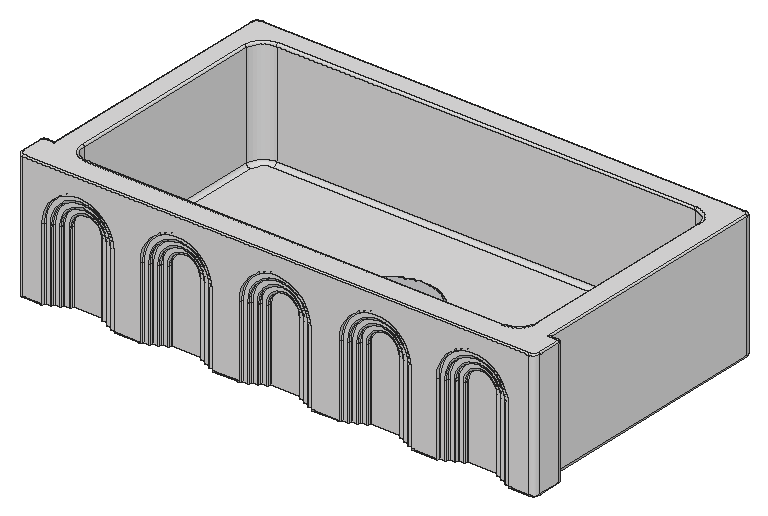
Revit family "Sink-Undermount_Kitchen-KALLISTA-Voussoir-L39742-1", category Plumbing Fixtures, host Face, Revit 2022
Family settings
  Host = Face
  Round Connector Dimension = Use Diameter
  Part Type = Normal
  OmniClass Number = 23.31.13.00
  OmniClass Title = Sinks
  Cut with Voids When Loaded = No
  Maintain Annotation Orientation = No
  Shared = No
  Room Calculation Point = No
Parameters (values of type "WH-White Carrara Marble")
  Width = 19 1/2"  # constant formula
  WaterSense Certified = 1 = 0  # no
  Waste Water Outlet = "Waste Water Outlet"  # constant formula
  Waste Connection = 1 = 1  # yes
  Vent Connection = 1 = 0  # no
  URL = "https://www.kallista.com/"
  Type = 6
  Product Page URL = ""
  Product Name = "Voussoir"  # constant formula
  Product Documentation Link = ""
  Model = if(Type = 1, "L39742-00-CCV", if(Type = 2, "L39742-00-FWG", if(Type = 3, "L39742-00-MVV", if(Type = 4, "L39742-00-NM", if(Type = 5, "L39742-00-RM", if(Type = 6, "L39742-00-WH", "NA"))))))  # "L39742-00-WH"
  Material = "Natural Stone"  # constant formula
  Master Format 2014 Name = "Residential Lavatories and Sinks"  # constant formula
  Master Format 2014 = "22 41 16"  # constant formula
  Manufacturer Address = "444 Highland Dr, Kohler, WI 53044"  # constant formula
  Manufacturer = "Kallista Co."  # constant formula
  Length = 35 1/2"  # constant formula
  Hot Water Inlet = "Hot Water Inlet"  # constant formula
  Height = 9.75197"  # constant formula
  HW Connection = 1 = 0  # no
  Finish = KALLISTA-Stone-WH-White_Carrara_Marble
  Environmental Product Declaration = ""
  Drain Included = 1 = 0  # no
  Description = "36 Inch Butler Entertainment Sink"  # constant formula
  Default Elevation = 36"
  Declare Label = ""
  Date Modified = "09/23/2025"  # constant formula
  Date Created = "09/23/2025"  # constant formula
  Copyright = "Copyright Kallista Co."  # constant formula
  Contact Us = "https://www.kallista.com/corporate/contact-us/"
  Cold Water Inlet = "Cold Water Inlet"  # constant formula
  CW Connection = 1 = 0  # no
  Assembly Code = "D2010400"
  ADA Compliant = 1 = 0  # no
Reference planes (in)
  plane 1 "Center (Front/Back)": y = 0
  plane 2: z = 0
  plane 3 "Center (Left/Right)": x = 0
  plane 4: z = -1
  plane 5: y = -30.77559
  plane 6: y = -48.0315
  plane 7: x = -17.75
  plane 8: x = 17.75
  plane 9: y = -50.27559
  plane 10: y = -40.52756
  plane 11: y = -48.55266
  plane 12: x = -15.5
  plane 13: y = -32.30069
  plane 14: x = 15.5
  plane 15: z = -11.95833
  plane 16: z = -9.75197
  plane 17: x = -17
  plane 18: x = 17
Forms (in)
  Extrusion 1, void
    sketch origin (0, 0, 0) x (1, 0, 0) y (0, 1, 0)
      loop
        arc (-15.51969, -47.02641) -> (-15.80797, -47.72238) -> (-16.50394, -48.01066) r 0.98425
        line (-16.50394, -48.01066) -> (-20.77904, -48.01066) -> (-20.77904, -48.74274) -> (18.92913, -48.74274) -> (18.92913, -48.01066) -> (16.48022, -48.01066)
        arc (16.48022, -48.01066) -> (15.78425, -47.72238) -> (15.49597, -47.02641) r 0.98425
        line (15.49597, -47.02641) -> (15.49597, -33.48068)
        arc (15.49597, -33.48068) -> (15.15003, -32.64551) -> (14.31487, -32.29958) r 1.1811
        line (14.31487, -32.29958) -> (-14.33858, -32.29958)
        arc (-14.33858, -32.29958) -> (-15.17375, -32.64551) -> (-15.51969, -33.48068) r 1.1811
        line (-15.51969, -33.48068) -> (-15.51969, -47.02641)
    from -9.75197 to 0
  Extrusion 2, void
    sketch origin (0, 0, 0) x (1, 0, 0) y (0, 1, 0)
      loop
        line (-17.02461, -48.8189) -> (17.09843, -48.8189) -> (17.09843, -30.76696) -> (-17.02461, -30.76696) -> (-17.02461, -48.8189)
    from -9.75197 to -1
  Revolve 3, void
    sketch origin (0, 0, 0) x (0, 1, 0) y (0, 0, 1)
      loop
        line (-40.52756, -8.64567) -> (-43.67717, -8.64567) -> (-43.67717, -12.13518) -> (-40.52756, -12.13518) -> (-40.52756, -8.64567)
      axis (-40.52756, -8.64567) -> (-40.52756, -12.13518)
    angle from 0 to 360
Dimensions and locks (in)
  locked: level to plane 4 at 1
  "Length": plane 7 to plane 8
  plane 12 to plane 14 = 31"
  plane 13 to plane 11 = 16.25197"
  "Width": plane 5 to plane 9
  plane 17 to plane 18 = 34"
  "Height": level to plane 16
  plane 7 to plane 8 = 35 1/2"
  level to plane 15 = 11.95833"
  level to plane 4 = 1"
  aligned and locked: plane 2 to host face
  aligned and locked: level to host face
  aligned and locked: plane 3 "Center (Left/Right)" to nested 1
  aligned and locked: plane 4 to nested 1
Automatic sketch dimensions
  host sketch curve to host sketch curve = 96"  (x2)
  Extrusion 1 sketch curve to plane 11 = 0.19008"
  plane 7 to Extrusion 1 sketch curve = 3.02904"
  plane 6 to Extrusion 1 sketch curve = 0.02084"  (x2)
  Extrusion 1 sketch curve to plane 17 = 0.49606"
  plane 12 to Extrusion 1 sketch curve = 0.01969"
  plane 13 to Extrusion 1 sketch curve = 0.00112"
  Extrusion 1 sketch curve to plane 12 = 1.16142"
  plane 14 to Extrusion 1 sketch curve = 1.18513"
  plane 14 to Extrusion 1 sketch curve = 0.00403"
  plane 18 to Extrusion 1 sketch curve = 0.51978"
  Extrusion 1 sketch curve to plane 8 = 1.17913"
  plane 5 to Extrusion 2 sketch curve = 0.00863"
  plane 17 to Extrusion 2 sketch curve = 0.02461"
  Extrusion 2 sketch curve to plane 18 = 0.09843"
  Extrusion 2 sketch curve to plane 11 = 0.26624"
  Revolve 3 sketch curve to plane 10 = 0"  (x2)
  plane 16 to Revolve 3 sketch curve = 0"
  Revolve 3 sketch curve to plane 16 = 1.1063"
  Revolve 3 sketch curve to plane 10 = 3.14961"
  Revolve 3 sketch curve to plane 15 = 0.17686"
  Revolve 3 sketch curve to Revolve 3 sketch curve = 0.53734"
Nested families (in)
  nested 1: "L39742" at (0, -48.0315, -9.75197), type "L39742"
Connectors (in)
  piping at (0, -40.52756, -11.95833), diameter 1.5, driven by "Waste Connection", driven by "Waste Water Outlet"
    settings: on nested 1, index 1, connector inside diameter 24", connector length 0", flow factor 0, pipe flow 0 GPM, pressure drop 0.00 psi, fitting loss kfactor 0, connector angle 0.00°, fixture units 0, engagement length 0", angle of deflection 0.00°, flow configuration 0, flow direction 2, fitting loss method 0, system type 16, joint type 0, gender type 0, connector reference index -1, connector utility 1, adjustable connector no, is connector primary yes, connector description "Waste Water Outlet"
Definition of nested family "L39742"
  Parameters (values of type "L39742")
    Material = none
    Default Elevation = 0"
  Reference planes (in)
    plane 1 "Center (Front/Back)": y = 0
    plane 2: z = 0
    plane 3 "Center (Left/Right)": x = 0
    plane 4: x = 17.75
    plane 5: x = -17.75
    plane 6: y = -2.24409
    plane 7: y = 17.25591
    plane 8: x = -17
    plane 9: x = 17
    plane 10: x = 15.5
    plane 11: x = -15.5
    plane 12 "A": y = 7.50394
    plane 13: y = 15.7308
    plane 14: y = -0.52116
    plane 15: x = 1.81102
    plane 16: x = -1.81102
    plane 17: y = 5.69291
    plane 18: y = 9.31496
    plane 19: z = 8.75197
    plane 20: z = 1.1063
    plane 21: z = -2.20636
  Forms (in)
    Sweep 1, solid, material <- "Material", detail levels medium+fine
      path origin (0, 0, 0) x (1, 0, 0) y (0, 1, 0)
        loop
          line (14.3189, 15.7308) -> (-14.3189, 15.7308)
          arc (-14.3189, 15.7308) -> (-15.15406, 15.38487) -> (-15.5, 14.5497) r 1.1811
          line (-15.5, 14.5497) -> (-15.5, 0.65994)
          arc (-15.5, 0.65994) -> (-15.15406, -0.17523) -> (-14.3189, -0.52116) r 1.1811
          line (-14.3189, -0.52116) -> (14.3189, -0.52116)
          arc (14.3189, -0.52116) -> (15.15406, -0.17523) -> (15.5, 0.65994) r 1.1811
          line (15.5, 0.65994) -> (15.5, 14.5497)
          arc (15.5, 14.5497) -> (15.15406, 15.38487) -> (14.3189, 15.7308) r 1.1811
      profile origin (0, 15.7308, 0) x (0, -1, 0) y (0, 0, 1)
        loop
          line (0, 1.54714) -> (0, 8.61337)
          arc (0, 8.61337) -> (-0.04059, 8.71138) -> (-0.13859, 8.75197) r 0.13859
          line (-0.13859, 8.75197) -> (-0.3937, 8.75197) -> (-0.3937, 1.1063) -> (0.59055, 1.1063) -> (0.59055, 1.27854) -> (0.26859, 1.27854)
          arc (0.26859, 1.27854) -> (0.07867, 1.35721) -> (0, 1.54714) r 0.26859
    Sweep 2, solid, material <- "Material", detail levels medium+fine
      path origin (0, 0, 0) x (1, 0, 0) y (0, 1, 0)
        loop
          line (17, -0.52116) -> (17, 16.8622)
          arc (17, 16.8622) -> (16.88469, 17.14059) -> (16.6063, 17.25591) r 0.3937
          line (16.6063, 17.25591) -> (-16.6063, 17.25591)
          arc (-16.6063, 17.25591) -> (-16.88469, 17.14059) -> (-17, 16.8622) r 0.3937
          line (-17, 16.8622) -> (-17, -0.52116)
      profile origin (0, 17.25591, 0) x (0, -1, 0) y (0, 0, 1)
        loop
          arc (0.11811, 8.75197) -> (0.03459, 8.71737) -> (0, 8.63386) r 0.11811
          line (0, 8.63386) -> (0, 0.11811)
          arc (0, 0.11811) -> (0.03459, 0.03459) -> (0.11811, 0) r 0.11811
          line (0.11811, 0) -> (0.36512, 0) -> (0.36512, 8.75197) -> (0.11811, 8.75197)
    Extrusion 3, solid, material <- "Material", detail levels medium+fine
      sketch origin (0, 0, 0) x (1, 0, 0) y (0, 1, 0)
        loop
          arc (-14.3189, 15.14025) -> (-14.73648, 14.96728) -> (-14.90945, 14.5497) r 0.59055
          line (-14.90945, 14.5497) -> (-14.90945, 0.65994)
          arc (-14.90945, 0.65994) -> (-14.73648, 0.24236) -> (-14.3189, 0.06939) r 0.59055
          line (-14.3189, 0.06939) -> (14.3189, 0.06939)
          arc (14.3189, 0.06939) -> (14.73648, 0.24236) -> (14.90945, 0.65994) r 0.59055
          line (14.90945, 0.65994) -> (14.90945, 14.5497)
          arc (14.90945, 14.5497) -> (14.73648, 14.96728) -> (14.3189, 15.14025) r 0.59055
          line (14.3189, 15.14025) -> (-14.3189, 15.14025)
      from 1.1063 to 1.27854
    Sweep 4, solid, material <- "Material", detail levels medium+fine
      path origin (0, 0, 0) x (1, 0, 0) y (0, 1, 0)
        loop
          line (16.63488, 0) -> (17.55315, 0)
          arc (17.55315, 0) -> (17.69234, -0.05766) -> (17.75, -0.19685) r 0.19685
          line (17.75, -0.19685) -> (17.75, -1.85039)
          arc (17.75, -1.85039) -> (17.63469, -2.12878) -> (17.3563, -2.24409) r 0.3937
          line (17.3563, -2.24409) -> (-17.3563, -2.24409)
          arc (-17.3563, -2.24409) -> (-17.63469, -2.12878) -> (-17.75, -1.85039) r 0.3937
          line (-17.75, -1.85039) -> (-17.75, -0.19685)
          arc (-17.75, -0.19685) -> (-17.69234, -0.05766) -> (-17.55315, 0) r 0.19685
          line (-17.55315, 0) -> (-16.63488, 0)
      profile origin (0, -2.24409, 0) x (0, -1, 0) y (0, 0, 1)
        loop
          arc (-0.07874, 0) -> (-0.02306, 0.02306) -> (0, 0.07874) r 0.07874
          line (0, 0.07874) -> (0, 8.67323)
          arc (0, 8.67323) -> (-0.02306, 8.72891) -> (-0.07874, 8.75197) r 0.07874
          line (-0.07874, 8.75197) -> (-0.16989, 8.75197) -> (-0.16989, 0) -> (-0.07874, 0)
    Extrusion 5, solid, material <- "Material", detail levels medium+fine
      sketch origin (0, 0, 0) x (1, 0, 0) y (0, 1, 0)
        loop
          arc (-16.6063, 16.89079) -> (-16.62651, 16.88242) -> (-16.63488, 16.8622) r 0.02858
          line (-16.63488, 16.8622) -> (-16.63488, -0.52116) -> (-16.88189, -0.52116) -> (-16.88189, -0.16989) -> (-17.55315, -0.16989)
          arc (-17.55315, -0.16989) -> (-17.57221, -0.17779) -> (-17.58011, -0.19685) r 0.02696
          line (-17.58011, -0.19685) -> (-17.58011, -1.85039)
          arc (-17.58011, -1.85039) -> (-17.51455, -2.00865) -> (-17.3563, -2.0742) r 0.22381
          line (-17.3563, -2.0742) -> (17.3563, -2.0742)
          arc (17.3563, -2.0742) -> (17.51455, -2.00865) -> (17.58011, -1.85039) r 0.22381
          line (17.58011, -1.85039) -> (17.58011, -0.19685)
          arc (17.58011, -0.19685) -> (17.57221, -0.17779) -> (17.55315, -0.16989) r 0.02696
          line (17.55315, -0.16989) -> (16.88189, -0.16989) -> (16.88189, -0.52116) -> (16.63488, -0.52116) -> (16.63488, 16.8622)
          arc (16.63488, 16.8622) -> (16.62651, 16.88242) -> (16.6063, 16.89079) r 0.02858
          line (16.6063, 16.89079) -> (-16.6063, 16.89079)
        loop
          line (-14.3189, -0.91486) -> (14.3189, -0.91486)
          arc (14.3189, -0.91486) -> (15.43245, -0.45362) -> (15.8937, 0.65994) r 1.5748
          line (15.8937, 0.65994) -> (15.8937, 14.5497)
          arc (15.8937, 14.5497) -> (15.43245, 15.66326) -> (14.3189, 16.12451) r 1.5748
          line (14.3189, 16.12451) -> (-14.3189, 16.12451)
          arc (-14.3189, 16.12451) -> (-15.43245, 15.66326) -> (-15.8937, 14.5497) r 1.5748
          line (-15.8937, 14.5497) -> (-15.8937, 0.65994)
          arc (-15.8937, 0.65994) -> (-15.43245, -0.45362) -> (-14.3189, -0.91486) r 1.5748
      from 0 to 8.75197
    Sweep 6, void
      path origin (0, 0, 0) x (1, 0, 0) y (0, 0, 1)
        loop
          line (-11.00467, -1.01359) -> (-11.00467, 4.98617)
          arc (-11.00467, 4.98617) -> (-13.56372, 7.54523) -> (-16.12278, 4.98617) r 2.55906
          line (-16.12278, 4.98617) -> (-16.12278, -1.01359)
      profile origin (-16.12278, 0, 1.98629) x (0, -1, 0) y (1, 0, 0)
        loop
          line (2.09185, 0.07316) -> (2.37502, 0.07316) -> (2.37502, 1.73192) -> (1.36616, 1.73192) -> (1.36616, 1.54027)
          arc (1.36616, 1.54027) -> (1.38201, 1.502) -> (1.42028, 1.48615) r 0.05412
          line (1.42028, 1.48615) -> (1.51672, 1.48615)
          arc (1.51672, 1.48615) -> (1.56685, 1.46539) -> (1.58761, 1.41526) r 0.07089
          line (1.58761, 1.41526) -> (1.58761, 1.06477)
          arc (1.58761, 1.06477) -> (1.603, 1.02762) -> (1.64016, 1.01223) r 0.05254
          line (1.64016, 1.01223) -> (1.75241, 1.01223)
          arc (1.75241, 1.01223) -> (1.79332, 0.99528) -> (1.81026, 0.95438) r 0.05785
          line (1.81026, 0.95438) -> (1.81026, 0.60897)
          arc (1.81026, 0.60897) -> (1.82935, 0.56289) -> (1.87543, 0.5438) r 0.06517
          line (1.87543, 0.5438) -> (1.96955, 0.5438)
          arc (1.96955, 0.5438) -> (2.01308, 0.52577) -> (2.03111, 0.48224) r 0.06156
          line (2.03111, 0.48224) -> (2.03111, 0.1339)
          arc (2.03111, 0.1339) -> (2.0489, 0.09095) -> (2.09185, 0.07316) r 0.06074
    Extrusion 7, void
      sketch origin (0, 0, 0) x (1, 0, 0) y (0, 0, 1)
        loop
          line (-14.39086, -1.01359) -> (-12.73659, -1.01359) -> (-12.73659, 4.98617)
          arc (-12.73659, 4.98617) -> (-13.56372, 5.81331) -> (-14.39086, 4.98617) r 0.82713
          line (-14.39086, 4.98617) -> (-14.39086, -1.01359)
      from 1.36616 to 3.19922
    Sweep 8, void
      path origin (6.74213, 0, 0) x (1, 0, 0) y (0, 0, 1)
        loop
          line (-11.00467, -1.01359) -> (-11.00467, 4.98617)
          arc (-11.00467, 4.98617) -> (-13.56372, 7.54523) -> (-16.12278, 4.98617) r 2.55906
          line (-16.12278, 4.98617) -> (-16.12278, -1.01359)
      profile origin (-9.38065, 0, 1.98629) x (0, -1, 0) y (1, 0, 0)
        loop
          line (2.09185, 0.07316) -> (2.37502, 0.07316) -> (2.37502, 1.73192) -> (1.36616, 1.73192) -> (1.36616, 1.54027)
          arc (1.36616, 1.54027) -> (1.38201, 1.502) -> (1.42028, 1.48615) r 0.05412
          line (1.42028, 1.48615) -> (1.51672, 1.48615)
          arc (1.51672, 1.48615) -> (1.56685, 1.46539) -> (1.58761, 1.41526) r 0.07089
          line (1.58761, 1.41526) -> (1.58761, 1.06477)
          arc (1.58761, 1.06477) -> (1.603, 1.02762) -> (1.64016, 1.01223) r 0.05254
          line (1.64016, 1.01223) -> (1.75241, 1.01223)
          arc (1.75241, 1.01223) -> (1.79332, 0.99528) -> (1.81026, 0.95438) r 0.05785
          line (1.81026, 0.95438) -> (1.81026, 0.60897)
          arc (1.81026, 0.60897) -> (1.82935, 0.56289) -> (1.87543, 0.5438) r 0.06517
          line (1.87543, 0.5438) -> (1.96955, 0.5438)
          arc (1.96955, 0.5438) -> (2.01308, 0.52577) -> (2.03111, 0.48224) r 0.06156
          line (2.03111, 0.48224) -> (2.03111, 0.1339)
          arc (2.03111, 0.1339) -> (2.0489, 0.09095) -> (2.09185, 0.07316) r 0.06074
    Extrusion 9, void
      sketch origin (6.74213, 0, 0) x (1, 0, 0) y (0, 0, 1)
        loop
          line (-14.39086, -1.01359) -> (-12.73659, -1.01359) -> (-12.73659, 4.98617)
          arc (-12.73659, 4.98617) -> (-13.56372, 5.81331) -> (-14.39086, 4.98617) r 0.82713
          line (-14.39086, 4.98617) -> (-14.39086, -1.01359)
      from 1.36616 to 3.19922
    Sweep 10, void
      path origin (13.53912, 0, 0) x (1, 0, 0) y (0, 0, 1)
        loop
          line (-11.00467, -1.01359) -> (-11.00467, 4.98617)
          arc (-11.00467, 4.98617) -> (-13.56372, 7.54523) -> (-16.12278, 4.98617) r 2.55906
          line (-16.12278, 4.98617) -> (-16.12278, -1.01359)
      profile origin (-2.58366, 0, 1.98629) x (0, -1, 0) y (1, 0, 0)
        loop
          line (2.09185, 0.07316) -> (2.37502, 0.07316) -> (2.37502, 1.73192) -> (1.36616, 1.73192) -> (1.36616, 1.54027)
          arc (1.36616, 1.54027) -> (1.38201, 1.502) -> (1.42028, 1.48615) r 0.05412
          line (1.42028, 1.48615) -> (1.51672, 1.48615)
          arc (1.51672, 1.48615) -> (1.56685, 1.46539) -> (1.58761, 1.41526) r 0.07089
          line (1.58761, 1.41526) -> (1.58761, 1.06477)
          arc (1.58761, 1.06477) -> (1.603, 1.02762) -> (1.64016, 1.01223) r 0.05254
          line (1.64016, 1.01223) -> (1.75241, 1.01223)
          arc (1.75241, 1.01223) -> (1.79332, 0.99528) -> (1.81026, 0.95438) r 0.05785
          line (1.81026, 0.95438) -> (1.81026, 0.60897)
          arc (1.81026, 0.60897) -> (1.82935, 0.56289) -> (1.87543, 0.5438) r 0.06517
          line (1.87543, 0.5438) -> (1.96955, 0.5438)
          arc (1.96955, 0.5438) -> (2.01308, 0.52577) -> (2.03111, 0.48224) r 0.06156
          line (2.03111, 0.48224) -> (2.03111, 0.1339)
          arc (2.03111, 0.1339) -> (2.0489, 0.09095) -> (2.09185, 0.07316) r 0.06074
    Extrusion 11, void
      sketch origin (13.53912, 0, 0) x (1, 0, 0) y (0, 0, 1)
        loop
          line (-14.39086, -1.01359) -> (-12.73659, -1.01359) -> (-12.73659, 4.98617)
          arc (-12.73659, 4.98617) -> (-13.56372, 5.81331) -> (-14.39086, 4.98617) r 0.82713
          line (-14.39086, 4.98617) -> (-14.39086, -1.01359)
      from 1.36616 to 3.19922
    Sweep 12, void
      path origin (20.39197, 0, 0) x (1, 0, 0) y (0, 0, 1)
        loop
          line (-11.00467, -1.01359) -> (-11.00467, 4.98617)
          arc (-11.00467, 4.98617) -> (-13.56372, 7.54523) -> (-16.12278, 4.98617) r 2.55906
          line (-16.12278, 4.98617) -> (-16.12278, -1.01359)
      profile origin (4.26919, 0, 1.98629) x (0, -1, 0) y (1, 0, 0)
        loop
          line (2.09185, 0.07316) -> (2.37502, 0.07316) -> (2.37502, 1.73192) -> (1.36616, 1.73192) -> (1.36616, 1.54027)
          arc (1.36616, 1.54027) -> (1.38201, 1.502) -> (1.42028, 1.48615) r 0.05412
          line (1.42028, 1.48615) -> (1.51672, 1.48615)
          arc (1.51672, 1.48615) -> (1.56685, 1.46539) -> (1.58761, 1.41526) r 0.07089
          line (1.58761, 1.41526) -> (1.58761, 1.06477)
          arc (1.58761, 1.06477) -> (1.603, 1.02762) -> (1.64016, 1.01223) r 0.05254
          line (1.64016, 1.01223) -> (1.75241, 1.01223)
          arc (1.75241, 1.01223) -> (1.79332, 0.99528) -> (1.81026, 0.95438) r 0.05785
          line (1.81026, 0.95438) -> (1.81026, 0.60897)
          arc (1.81026, 0.60897) -> (1.82935, 0.56289) -> (1.87543, 0.5438) r 0.06517
          line (1.87543, 0.5438) -> (1.96955, 0.5438)
          arc (1.96955, 0.5438) -> (2.01308, 0.52577) -> (2.03111, 0.48224) r 0.06156
          line (2.03111, 0.48224) -> (2.03111, 0.1339)
          arc (2.03111, 0.1339) -> (2.0489, 0.09095) -> (2.09185, 0.07316) r 0.06074
    Extrusion 13, void
      sketch origin (20.39197, 0, 0) x (1, 0, 0) y (0, 0, 1)
        loop
          line (-14.39086, -1.01359) -> (-12.73659, -1.01359) -> (-12.73659, 4.98617)
          arc (-12.73659, 4.98617) -> (-13.56372, 5.81331) -> (-14.39086, 4.98617) r 0.82713
          line (-14.39086, 4.98617) -> (-14.39086, -1.01359)
      from 1.36616 to 3.19922
    Sweep 14, void
      path origin (27.06028, 0, 0) x (1, 0, 0) y (0, 0, 1)
        loop
          line (-11.00467, -1.01359) -> (-11.00467, 4.98617)
          arc (-11.00467, 4.98617) -> (-13.56372, 7.54523) -> (-16.12278, 4.98617) r 2.55906
          line (-16.12278, 4.98617) -> (-16.12278, -1.01359)
      profile origin (10.9375, 0, 1.98629) x (0, -1, 0) y (1, 0, 0)
        loop
          line (2.09185, 0.07316) -> (2.37502, 0.07316) -> (2.37502, 1.73192) -> (1.36616, 1.73192) -> (1.36616, 1.54027)
          arc (1.36616, 1.54027) -> (1.38201, 1.502) -> (1.42028, 1.48615) r 0.05412
          line (1.42028, 1.48615) -> (1.51672, 1.48615)
          arc (1.51672, 1.48615) -> (1.56685, 1.46539) -> (1.58761, 1.41526) r 0.07089
          line (1.58761, 1.41526) -> (1.58761, 1.06477)
          arc (1.58761, 1.06477) -> (1.603, 1.02762) -> (1.64016, 1.01223) r 0.05254
          line (1.64016, 1.01223) -> (1.75241, 1.01223)
          arc (1.75241, 1.01223) -> (1.79332, 0.99528) -> (1.81026, 0.95438) r 0.05785
          line (1.81026, 0.95438) -> (1.81026, 0.60897)
          arc (1.81026, 0.60897) -> (1.82935, 0.56289) -> (1.87543, 0.5438) r 0.06517
          line (1.87543, 0.5438) -> (1.96955, 0.5438)
          arc (1.96955, 0.5438) -> (2.01308, 0.52577) -> (2.03111, 0.48224) r 0.06156
          line (2.03111, 0.48224) -> (2.03111, 0.1339)
          arc (2.03111, 0.1339) -> (2.0489, 0.09095) -> (2.09185, 0.07316) r 0.06074
    Extrusion 15, void
      sketch origin (27.06028, 0, 0) x (1, 0, 0) y (0, 0, 1)
        loop
          line (-14.39086, -1.01359) -> (-12.73659, -1.01359) -> (-12.73659, 4.98617)
          arc (-12.73659, 4.98617) -> (-13.56372, 5.81331) -> (-14.39086, 4.98617) r 0.82713
          line (-14.39086, 4.98617) -> (-14.39086, -1.01359)
      from 1.36616 to 3.19922
    Extrusion 16, solid, material <- "Material", detail levels medium+fine
      sketch origin (0, 0, 0) x (1, 0, 0) y (0, 1, 0)
        loop
          line (-14.3189, -0.91486) -> (14.3189, -0.91486)
          arc (14.3189, -0.91486) -> (15.43245, -0.45362) -> (15.8937, 0.65994) r 1.5748
          line (15.8937, 0.65994) -> (15.8937, 14.5497)
          arc (15.8937, 14.5497) -> (15.43245, 15.66326) -> (14.3189, 16.12451) r 1.5748
          line (14.3189, 16.12451) -> (-14.3189, 16.12451)
          arc (-14.3189, 16.12451) -> (-15.43245, 15.66326) -> (-15.8937, 14.5497) r 1.5748
          line (-15.8937, 14.5497) -> (-15.8937, 0.65994)
          arc (-15.8937, 0.65994) -> (-15.43245, -0.45362) -> (-14.3189, -0.91486) r 1.5748
      from 0 to 0.53734
    Revolve 17, solid, material <- "Material", detail levels medium+fine
      sketch origin (0, 7.50394, 0) x (1, 0, 0) y (0, 0, 1)
        loop
          line (0.67587, -2.20535) -> (0.90627, -2.20535) -> (1.06958, -1.92251) -> (1.06958, -1.61212) -> (0.94701, -1.61212) -> (0.88475, -1.57618) -> (0.93481, -1.54113) -> (0.93481, -1.50906) -> (0.8958, -1.48653) -> (0.93481, -1.45921) -> (0.93481, -1.23887)
          arc (0.93481, -1.23887) -> (1.00601, -1.01305) -> (1.19386, -0.86891) r 0.3937
          line (1.19386, -0.86891) -> (1.55169, -0.73867)
          arc (1.55169, -0.73867) -> (1.61382, -0.691) -> (1.63737, -0.61631) r 0.1302
          line (1.63737, -0.61631) -> (1.63737, -0.57625) -> (1.76509, -0.57625) -> (1.76509, -0.34166)
          arc (1.76509, -0.34166) -> (1.78452, -0.29282) -> (1.83218, -0.27068) r 0.07109
          line (1.83218, -0.27068) -> (2.19552, -0.25022)
          arc (2.19552, -0.25022) -> (2.23423, -0.23224) -> (2.25, -0.19259) r 0.05772
          line (2.25, -0.19259) -> (2.25, 0.03896) -> (0.67587, 0.03896) -> (0.67587, -2.20535)
        axis (0, -2.20535) -> (0, 0.03896)
      angle from 0 to 360
    Revolve 18, void
      sketch origin (0, 7.50394, 0) x (1, 0, 0) y (0, 0, 1)
        loop
          line (0, 1.6019) -> (0, -1.98381) -> (0.57595, -1.98381) -> (0.63664, -1.29003)
          arc (0.63664, -1.29003) -> (0.65408, -1.2024) -> (0.69006, -1.12062) r 0.41036
          line (0.69006, -1.12062) -> (0.81069, -0.91169)
          arc (0.81069, -0.91169) -> (0.84811, -0.86608) -> (0.89822, -0.83491) r 0.18118
          line (0.89822, -0.83491) -> (1.43372, -0.61294)
          arc (1.43372, -0.61294) -> (1.49806, -0.56011) -> (1.52222, -0.48045) r 0.14342
          line (1.52222, -0.48045) -> (1.52222, 0.14364)
          arc (1.52222, 0.14364) -> (1.63754, 0.42203) -> (1.91592, 0.53734) r 0.3937
          line (1.91592, 0.53734) -> (2.26444, 0.53734)
          arc (2.26444, 0.53734) -> (2.39949, 0.59097) -> (2.46095, 0.72264) r 0.19685
          arc (2.46095, 0.72264) -> (2.64534, 1.11765) -> (3.05049, 1.27854) r 0.59055
          line (3.05049, 1.27854) -> (3.44741, 1.27854) -> (3.44741, 1.6019) -> (0, 1.6019)
        axis (0, -1.98381) -> (0, 1.6019)
      angle from 0 to 360
    Revolve 19, solid, detail levels medium+fine
      sketch origin (0, 7.50394, 0) x (1, 0, 0) y (0, 0, 1)
        loop
          line (0, 1.67762) -> (0, -2.20636) -> (0.20909, -2.20636) -> (0.20909, -1.30009) -> (0.40594, -1.30009)
          arc (0.40594, -1.30009) -> (0.54513, -1.24244) -> (0.60279, -1.10324) r 0.19685
          line (0.60279, -1.10324) -> (0.60279, -0.7731)
          arc (0.60279, -0.7731) -> (0.66045, -0.63391) -> (0.79964, -0.57625) r 0.19685
          line (0.79964, -0.57625) -> (0.99649, -0.57625)
          arc (0.99649, -0.57625) -> (1.27488, -0.46094) -> (1.39019, -0.18255) r 0.3937
          line (1.39019, -0.18255) -> (1.39019, 0.53734) -> (1.39019, 0.83262)
          arc (1.39019, 0.83262) -> (1.5055, 1.111) -> (1.78389, 1.22632) r 0.3937
          line (1.78389, 1.22632) -> (2.91855, 1.22632)
          arc (2.91855, 1.22632) -> (3.02916, 1.32858) -> (2.93589, 1.44687) r 0.11096
          arc (2.93589, 1.44687) -> (1.47248, 1.6199) -> (0, 1.67762) r 18.77454
        axis (0, 1.67762) -> (0, -2.20636)
      angle from 0 to 360
    Extrusion 20, solid, material <- "Material", detail levels medium+fine
      sketch origin (0, 0, 0) x (1, 0, 0) y (0, 1, 0)
        loop
          line (-1.33976, 6.35478) -> (-1.40158, 6.29297)
          arc (-1.40158, 6.29297) -> (-1.40158, 6.0935) -> (-1.20211, 6.0935) r 0.14104
          line (-1.20211, 6.0935) -> (-1.13959, 6.15602)
          arc (-1.13959, 6.15602) -> (-1.24365, 6.25139) -> (-1.33976, 6.35478) r 1.76509
        loop
          line (-0.14105, 5.74449) -> (-0.14136, 5.65708)
          arc (-0.14136, 5.65708) -> (-0.00082, 5.51553) -> (0.14073, 5.65608) r 0.14104
          line (0.14073, 5.65608) -> (0.14105, 5.74449)
          arc (0.14105, 5.74449) -> (0, 5.73885) -> (-0.14105, 5.74449) r 1.76509
        loop
          line (1.14099, 6.15721) -> (1.20243, 6.09502)
          arc (1.20243, 6.09502) -> (1.40189, 6.09381) -> (1.4031, 6.29328) r 0.14104
          line (1.4031, 6.29328) -> (1.34096, 6.35618)
          arc (1.34096, 6.35618) -> (1.24496, 6.25269) -> (1.14099, 6.15721) r 1.76509
        loop
          line (1.75944, 7.36289) -> (1.84686, 7.36258)
          arc (1.84686, 7.36258) -> (1.9884, 7.50312) -> (1.84786, 7.64467) r 0.14104
          line (1.84786, 7.64467) -> (1.75944, 7.64498)
          arc (1.75944, 7.64498) -> (1.76509, 7.50394) -> (1.75944, 7.36289) r 1.76509
        loop
          arc (-1.75944, 7.36289) -> (-1.76509, 7.50394) -> (-1.75944, 7.64498) r 1.76509
          line (-1.75944, 7.64498) -> (-1.84786, 7.64467)
          arc (-1.84786, 7.64467) -> (-1.9884, 7.50312) -> (-1.84686, 7.36258) r 0.14104
          line (-1.84686, 7.36258) -> (-1.75944, 7.36289)
        loop
          arc (-1.33976, 8.6531) -> (-1.24365, 8.75648) -> (-1.13959, 8.85185) r 1.76509
          line (-1.13959, 8.85185) -> (-1.20211, 8.91437)
          arc (-1.20211, 8.91437) -> (-1.40158, 8.91437) -> (-1.40158, 8.71491) r 0.14104
          line (-1.40158, 8.71491) -> (-1.33976, 8.6531)
        loop
          arc (-0.14105, 9.26338) -> (0, 9.26902) -> (0.14105, 9.26338) r 1.76509
          line (0.14105, 9.26338) -> (0.14073, 9.3518)
          arc (0.14073, 9.3518) -> (-0.00082, 9.49234) -> (-0.14136, 9.35079) r 0.14104
          line (-0.14136, 9.35079) -> (-0.14105, 9.26338)
        loop
          arc (1.14099, 8.85066) -> (1.24496, 8.75518) -> (1.34096, 8.6517) r 1.76509
          line (1.34096, 8.6517) -> (1.4031, 8.7146)
          arc (1.4031, 8.7146) -> (1.40189, 8.91406) -> (1.20243, 8.91285) r 0.14104
          line (1.20243, 8.91285) -> (1.14099, 8.85066)
      from 0 to -0.57625
    Extrusion 21, solid, material <- "Material", detail levels coarse
      sketch origin (0, 0, 0) x (1, 0, 0) y (0, 1, 0)
        loop
          line (-17, 0) -> (-17.75, 0) -> (-17.75, -2.24409) -> (17.75, -2.24409) -> (17.75, 0) -> (17, 0) -> (17, 17.25591) -> (-17, 17.25591) -> (-17, 0)
        loop
          line (-15.5, 14.74655) -> (-15.5, 0.57996)
          arc (-15.5, 0.57996) -> (-15.17749, -0.19865) -> (-14.39888, -0.52116) r 1.10112
          line (-14.39888, -0.52116) -> (14.39888, -0.52116)
          arc (14.39888, -0.52116) -> (15.17749, -0.19865) -> (15.5, 0.57996) r 1.10112
          line (15.5, 0.57996) -> (15.5, 14.74655)
          arc (15.5, 14.74655) -> (15.21172, 15.44252) -> (14.51575, 15.7308) r 0.98425
          line (14.51575, 15.7308) -> (-14.51575, 15.7308)
          arc (-14.51575, 15.7308) -> (-15.21172, 15.44252) -> (-15.5, 14.74655) r 0.98425
      from 0 to 8.75197
    Revolve 22, solid, material <- "Material", detail levels coarse
      sketch origin (0, 7.50394, 0) x (1, 0, 0) y (0, 0, 1)
        loop
          line (0, -2.20636) -> (0, 0.12629) -> (-2.3622, 0.12629) -> (-2.3622, -2.20636) -> (0, -2.20636)
        axis (0, -2.20636) -> (0, 0.12629)
      angle from 0 to 360
    Extrusion 23, solid, material <- "Material", detail levels coarse
      sketch origin (0, 0, 0) x (1, 0, 0) y (0, 1, 0)
        loop
          arc (14.39888, -0.52116) -> (15.17749, -0.19865) -> (15.5, 0.57996) r 1.10112
          line (15.5, 0.57996) -> (15.5, 14.74655)
          arc (15.5, 14.74655) -> (15.21172, 15.44252) -> (14.51575, 15.7308) r 0.98425
          line (14.51575, 15.7308) -> (-14.51575, 15.7308)
          arc (-14.51575, 15.7308) -> (-15.21172, 15.44252) -> (-15.5, 14.74655) r 0.98425
          line (-15.5, 14.74655) -> (-15.5, 0.57996)
          arc (-15.5, 0.57996) -> (-15.17749, -0.19865) -> (-14.39888, -0.52116) r 1.10112
          line (-14.39888, -0.52116) -> (14.39888, -0.52116)
      from 0 to 0.71003
  Cuts and joins
    Sweep 6, Extrusion 7, Sweep 8, Extrusion 9, Sweep 10, Extrusion 11, Sweep 12, Extrusion 13, Sweep 14, Extrusion 15, Revolve 18 cuts Sweep 1
    Sweep 6, Extrusion 7, Sweep 8, Extrusion 9, Sweep 10, Extrusion 11, Sweep 12, Extrusion 13, Sweep 14, Extrusion 15, Revolve 18 cuts Sweep 2
    Sweep 6, Extrusion 7, Sweep 8, Extrusion 9, Sweep 10, Extrusion 11, Sweep 12, Extrusion 13, Sweep 14, Extrusion 15, Revolve 18 cuts Extrusion 3
    Sweep 6, Extrusion 7, Sweep 8, Extrusion 9, Sweep 10, Extrusion 11, Sweep 12, Extrusion 13, Sweep 14, Extrusion 15, Revolve 18 cuts Sweep 4
    Sweep 6, Extrusion 7, Sweep 8, Extrusion 9, Sweep 10, Extrusion 11, Sweep 12, Extrusion 13, Sweep 14, Extrusion 15, Revolve 18 cuts Extrusion 5
    Revolve 18 cuts Extrusion 16
    Revolve 18 cuts Revolve 17
    Revolve 18 cuts Extrusion 20
    joined: Sweep 1, Sweep 2, Extrusion 3, Sweep 4, Extrusion 5, Extrusion 16, Revolve 17, Extrusion 20
    joined: Extrusion 21, Revolve 22, Extrusion 23
  Lines and regions (in)
    Masking region 1
      outline origin (0, 0, 0) x (1, 0, 0) y (0, 1, 0)
        loop
          line (16.6063, 17.25591) -> (-16.6063, 17.25591)
          arc (-16.6063, 17.25591) -> (-16.88469, 17.14059) -> (-17, 16.8622) r 0.3937
          line (-17, 16.8622) -> (-17, 0.11811)
          arc (-17, 0.11811) -> (-17.03459, 0.03459) -> (-17.11811, 0) r 0.11811
          line (-17.11811, 0) -> (-17.63189, 0)
          arc (-17.63189, 0) -> (-17.71541, -0.03459) -> (-17.75, -0.11811) r 0.11811
          line (-17.75, -0.11811) -> (-17.75, -1.85039)
          arc (-17.75, -1.85039) -> (-17.63469, -2.12878) -> (-17.3563, -2.24409) r 0.3937
          line (-17.3563, -2.24409) -> (17.3563, -2.24409)
          arc (17.3563, -2.24409) -> (17.63469, -2.12878) -> (17.75, -1.85039) r 0.3937
          line (17.75, -1.85039) -> (17.75, -0.11811)
          arc (17.75, -0.11811) -> (17.71541, -0.03459) -> (17.63189, 0) r 0.11811
          line (17.63189, 0) -> (17.11811, 0)
          arc (17.11811, 0) -> (17.03459, 0.03459) -> (17, 0.11811) r 0.11811
          line (17, 0.11811) -> (17, 16.8622)
          arc (17, 16.8622) -> (16.88469, 17.14059) -> (16.6063, 17.25591) r 0.3937
    Masking region 2
      outline origin (0, 7.50394, 0) x (1, 0, 0) y (0, 0, 1)
        loop
          arc (-17.63189, 8.75197) -> (-17.71541, 8.71737) -> (-17.75, 8.63386) r 0.11811
          line (-17.75, 8.63386) -> (-17.75, 0.12629)
          arc (-17.75, 0.12629) -> (-17.71301, 0.03699) -> (-17.62371, 0) r 0.12629
          line (-17.62371, 0) -> (-2.25, 0) -> (-2.25, -0.18828)
          arc (-2.25, -0.18828) -> (-2.23302, -0.23086) -> (-2.19139, -0.25005) r 0.06185
          line (-2.19139, -0.25005) -> (-2.02039, -0.25901)
          arc (-2.02039, -0.25901) -> (-1.99637, -0.27008) -> (-1.98657, -0.29465) r 0.03569
          line (-1.98657, -0.29465) -> (-1.98657, -0.55279)
          arc (-1.98657, -0.55279) -> (-1.9797, -0.56938) -> (-1.96311, -0.57625) r 0.02346
          line (-1.96311, -0.57625) -> (-1.64878, -0.57625) -> (-1.64878, -0.60798)
          arc (-1.64878, -0.60798) -> (-1.62473, -0.68463) -> (-1.5612, -0.73381) r 0.13418
          line (-1.5612, -0.73381) -> (-1.17944, -0.87521)
          arc (-1.17944, -0.87521) -> (-0.99746, -1.01608) -> (-0.92856, -1.23566) r 0.38439
          line (-0.92856, -1.23566) -> (-0.92856, -1.46093) -> (-0.89253, -1.49696) -> (-0.93813, -1.54256) -> (-0.87716, -1.57777) -> (-0.93427, -1.61074) -> (-1.07524, -1.61074) -> (-1.07524, -1.92631) -> (-0.93353, -2.17177)
          arc (-0.93353, -2.17177) -> (-0.90821, -2.19709) -> (-0.87362, -2.20636) r 0.06918
          line (-0.87362, -2.20636) -> (0, -2.20636) -> (0.87362, -2.20636)
          arc (0.87362, -2.20636) -> (0.90821, -2.19709) -> (0.93353, -2.17177) r 0.06918
          line (0.93353, -2.17177) -> (1.07524, -1.92631) -> (1.07524, -1.61074) -> (0.93427, -1.61074) -> (0.87716, -1.57777) -> (0.93813, -1.54256) -> (0.89253, -1.49696) -> (0.92856, -1.46093) -> (0.92856, -1.23566)
          arc (0.92856, -1.23566) -> (0.99746, -1.01608) -> (1.17944, -0.87521) r 0.38439
          line (1.17944, -0.87521) -> (1.5612, -0.73381)
          arc (1.5612, -0.73381) -> (1.62473, -0.68463) -> (1.64878, -0.60798) r 0.13418
          line (1.64878, -0.60798) -> (1.64878, -0.57625) -> (1.96311, -0.57625)
          arc (1.96311, -0.57625) -> (1.9797, -0.56938) -> (1.98657, -0.55279) r 0.02346
          line (1.98657, -0.55279) -> (1.98657, -0.29465)
          arc (1.98657, -0.29465) -> (1.99637, -0.27008) -> (2.02039, -0.25901) r 0.03569
          line (2.02039, -0.25901) -> (2.19139, -0.25005)
          arc (2.19139, -0.25005) -> (2.23302, -0.23086) -> (2.25, -0.18828) r 0.06185
          line (2.25, -0.18828) -> (2.25, 0) -> (17.62371, 0)
          arc (17.62371, 0) -> (17.71301, 0.03699) -> (17.75, 0.12629) r 0.12629
          line (17.75, 0.12629) -> (17.75, 8.63386)
          arc (17.75, 8.63386) -> (17.71541, 8.71737) -> (17.63189, 8.75197) r 0.11811
          line (17.63189, 8.75197) -> (-17.63189, 8.75197)
    Masking region 3
      outline origin (0, 0, 0) x (0, 1, 0) y (0, 0, 1)
        loop
          line (17.1378, 8.75197) -> (-2.12598, 8.75197)
          arc (-2.12598, 8.75197) -> (-2.2095, 8.71737) -> (-2.24409, 8.63386) r 0.11811
          line (-2.24409, 8.63386) -> (-2.24409, 0.12629)
          arc (-2.24409, 0.12629) -> (-2.20711, 0.03699) -> (-2.1178, 0) r 0.12629
          line (-2.1178, 0) -> (5.25394, 0) -> (5.25394, -0.18828)
          arc (5.25394, -0.18828) -> (5.27092, -0.23086) -> (5.31255, -0.25005) r 0.06185
          line (5.31255, -0.25005) -> (5.48354, -0.25901)
          arc (5.48354, -0.25901) -> (5.50756, -0.27008) -> (5.51736, -0.29465) r 0.03569
          line (5.51736, -0.29465) -> (5.51736, -0.55279)
          arc (5.51736, -0.55279) -> (5.52423, -0.56938) -> (5.54082, -0.57625) r 0.02346
          line (5.54082, -0.57625) -> (5.85516, -0.57625) -> (5.85516, -0.60798)
          arc (5.85516, -0.60798) -> (5.87921, -0.68463) -> (5.94273, -0.73381) r 0.13418
          line (5.94273, -0.73381) -> (6.32449, -0.87521)
          arc (6.32449, -0.87521) -> (6.50648, -1.01608) -> (6.57537, -1.23566) r 0.38439
          line (6.57537, -1.23566) -> (6.57537, -1.46093) -> (6.61141, -1.49696) -> (6.56581, -1.54256) -> (6.62678, -1.57777) -> (6.56966, -1.61074) -> (6.49955, -1.61074) -> (6.49955, -2.04904) -> (6.57041, -2.17177)
          arc (6.57041, -2.17177) -> (6.59573, -2.19709) -> (6.63032, -2.20636) r 0.06918
          line (6.63032, -2.20636) -> (7.50394, -2.20636) -> (8.37755, -2.20636)
          arc (8.37755, -2.20636) -> (8.41214, -2.19709) -> (8.43746, -2.17177) r 0.06918
          line (8.43746, -2.17177) -> (8.50832, -2.04904) -> (8.50832, -1.61074) -> (8.43821, -1.61074) -> (8.3811, -1.57777) -> (8.44207, -1.54256) -> (8.39647, -1.49696) -> (8.4325, -1.46093) -> (8.4325, -1.23566)
          arc (8.4325, -1.23566) -> (8.50139, -1.01608) -> (8.68338, -0.87521) r 0.38439
          line (8.68338, -0.87521) -> (9.06514, -0.73381)
          arc (9.06514, -0.73381) -> (9.12867, -0.68463) -> (9.15272, -0.60798) r 0.13418
          line (9.15272, -0.60798) -> (9.15272, -0.57625) -> (9.46705, -0.57625)
          arc (9.46705, -0.57625) -> (9.48364, -0.56938) -> (9.49051, -0.55279) r 0.02346
          line (9.49051, -0.55279) -> (9.49051, -0.29465)
          arc (9.49051, -0.29465) -> (9.50031, -0.27008) -> (9.52433, -0.25901) r 0.03569
          line (9.52433, -0.25901) -> (9.69533, -0.25005)
          arc (9.69533, -0.25005) -> (9.73695, -0.23086) -> (9.75394, -0.18828) r 0.06185
          line (9.75394, -0.18828) -> (9.75394, 0) -> (17.12962, 0)
          arc (17.12962, 0) -> (17.21892, 0.03699) -> (17.25591, 0.12629) r 0.12629
          line (17.25591, 0.12629) -> (17.25591, 8.63386)
          arc (17.25591, 8.63386) -> (17.22131, 8.71737) -> (17.1378, 8.75197) r 0.11811
    symbolic lines
      curve 1: line (14.51575, 15.7308, 0) -> (-14.51575, 15.7308, 0)
      curve 2: line (-15.5, 14.74655, 0) -> (-15.5, 0.57996, 0)
      curve 3: arc (-15.5, 14.74655, 0) -> (-15.21172, 15.44252, 0) -> (-14.51575, 15.7308, 0) r 0.98425
      curve 4: line (14.39888, -0.52116, 0) -> (-14.39888, -0.52116, 0)
      curve 5: arc (-15.5, 0.57996, 0) -> (-15.17749, -0.19865, 0) -> (-14.39888, -0.52116, 0) r 1.10112
      curve 24: line (15.5, 14.74655, 0) -> (15.5, 0.57996, 0)
      curve 25: arc (15.5, 14.74655, 0) -> (15.21172, 15.44252, 0) -> (14.51575, 15.7308, 0) r 0.98425
      curve 26: arc (15.5, 0.57996, 0) -> (15.17749, -0.19865, 0) -> (14.39888, -0.52116, 0) r 1.10112
      curve 40: circle (0, 7.50394, 0) r 3.04213 normal (0, 0, 1)
      curve 41: line (-14.6511, 7.50394, 4.98714) -> (-14.6511, 7.50394, 0.13515)
      curve 42: line (-14.70429, 7.50394, 4.99272) -> (-14.70429, 7.50394, 0.13515)
      curve 43: line (-14.57881, 7.50394, 4.99503) -> (-14.57881, 7.50394, 0)
      curve 44: line (-15.05068, 7.50394, 4.99847) -> (-15.05068, 7.50394, 0)
      curve 45: line (-15.1143, 7.50394, 5.00063) -> (-15.1143, 7.50394, 0.13515)
      curve 46: line (-15.16555, 7.50394, 5.01584) -> (-15.16555, 7.50394, 0.13515)
      curve 47: line (-15.64243, 7.50394, 4.99794) -> (-15.64243, 7.50394, 0.13515)
      curve 48: line (-15.58444, 7.50394, 4.98991) -> (-15.58444, 7.50394, 0.13515)
      curve 49: line (-15.5203, 7.50394, 4.99064) -> (-15.5203, 7.50394, 0)
      curve 50: line (-15.99199, 7.50394, 4.97534) -> (-15.99199, 7.50394, 0)
      curve 51: line (-16.04959, 7.50394, 4.99209) -> (-16.04959, 7.50394, 0.13515)
      curve 52: line (-16.11123, 7.50394, 5.00692) -> (-16.11123, 7.50394, 0.13515)
      curve 53: line (-11.06441, 7.50394, 4.99209) -> (-11.06441, 7.50394, 0.13515)
      curve 54: line (-11.1176, 7.50394, 4.97534) -> (-11.1176, 7.50394, 0)
      curve 55: line (-10.99212, 7.50394, 5.00692) -> (-10.99212, 7.50394, 0.13515)
      curve 56: line (-11.46399, 7.50394, 4.99794) -> (-11.46399, 7.50394, 0.13515)
      curve 57: line (-11.52762, 7.50394, 4.98991) -> (-11.52762, 7.50394, 0.13515)
      curve 58: line (-11.57887, 7.50394, 4.99064) -> (-11.57887, 7.50394, 0)
      curve 59: line (-12.05575, 7.50394, 4.99847) -> (-12.05575, 7.50394, 0)
      curve 60: line (-11.99775, 7.50394, 5.00063) -> (-11.99775, 7.50394, 0.13515)
      curve 61: line (-11.93361, 7.50394, 5.01584) -> (-11.93361, 7.50394, 0.13515)
      curve 62: line (-12.40531, 7.50394, 4.99272) -> (-12.40531, 7.50394, 0.13515)
      curve 63: line (-12.4629, 7.50394, 4.98714) -> (-12.4629, 7.50394, 0.13515)
      curve 64: line (-12.52454, 7.50394, 4.99503) -> (-12.52454, 7.50394, 0)
      curve 65: arc (-12.52454, 7.50394, 4.99503) -> (-13.55167, 7.50394, 6.02216) -> (-14.57881, 7.50394, 4.99503) r 1.02713
      curve 66: arc (-12.4629, 7.50394, 4.98714) -> (-13.557, 7.50394, 6.08124) -> (-14.6511, 7.50394, 4.98714) r 1.0941
      curve 67: arc (-12.40531, 7.50394, 4.99272) -> (-13.5548, 7.50394, 6.14221) -> (-14.70429, 7.50394, 4.99272) r 1.14949
      curve 68: arc (-12.05575, 7.50394, 4.99847) -> (-13.55321, 7.50394, 6.49594) -> (-15.05068, 7.50394, 4.99847) r 1.49747
      curve 69: arc (-11.93361, 7.50394, 5.01584) -> (-13.54958, 7.50394, 6.63181) -> (-15.16555, 7.50394, 5.01584) r 1.61597
      curve 70: arc (-11.99775, 7.50394, 5.00063) -> (-13.55603, 7.50394, 6.5589) -> (-15.1143, 7.50394, 5.00063) r 1.55827
      curve 71: arc (-11.57887, 7.50394, 4.99064) -> (-13.54958, 7.50394, 6.96135) -> (-15.5203, 7.50394, 4.99064) r 1.97071
      curve 72: arc (-11.52762, 7.50394, 4.98991) -> (-13.55603, 7.50394, 7.01832) -> (-15.58444, 7.50394, 4.98991) r 2.02841
      curve 73: arc (-11.46399, 7.50394, 4.99794) -> (-13.55321, 7.50394, 7.08715) -> (-15.64243, 7.50394, 4.99794) r 2.08922
      curve 74: arc (-11.1176, 7.50394, 4.97534) -> (-13.5548, 7.50394, 7.41253) -> (-15.99199, 7.50394, 4.97534) r 2.4372
      curve 75: arc (-10.99212, 7.50394, 5.00692) -> (-13.55167, 7.50394, 7.56648) -> (-16.11123, 7.50394, 5.00692) r 2.55955
      curve 76: arc (-16.04959, 7.50394, 4.99209) -> (-13.557, 7.50394, 7.48468) -> (-11.06441, 7.50394, 4.99209) r 2.49259
      curve 77: arc (-16.11123, 7.50394, 0.13515) -> (-16.12174, 7.50394, 0.06452) -> (-16.15235, 7.50394, 0) r 0.24266
      curve 78: arc (-16.04959, 7.50394, 0.13515) -> (-16.0782, 7.50394, 0.05026) -> (-16.15235, 7.50394, 0) r 0.14026
      curve 79: arc (-15.64243, 7.50394, 0.13515) -> (-15.65276, 7.50394, 0.06462) -> (-15.68286, 7.50394, 0) r 0.24611
      curve 80: arc (-15.58444, 7.50394, 0.13515) -> (-15.61165, 7.50394, 0.05156) -> (-15.68286, 7.50394, 0) r 0.14201
      curve 81: arc (-15.16555, 7.50394, 0.13515) -> (-15.18009, 7.50394, 0.06201) -> (-15.22151, 7.50394, 0) r 0.19121
      curve 82: arc (-15.1143, 7.50394, 0.13515) -> (-15.14436, 7.50394, 0.0489) -> (-15.22151, 7.50394, 0) r 0.1388
      curve 83: arc (-14.70429, 7.50394, 0.13515) -> (-14.71395, 7.50394, 0.06496) -> (-14.74223, 7.50394, 0) r 0.2597
      curve 84: arc (-14.6511, 7.50394, 0.13515) -> (-14.67601, 7.50394, 0.05365) -> (-14.74223, 7.50394, 0) r 0.14579
      curve 85: arc (-12.40531, 7.50394, 0.13515) -> (-12.38982, 7.50394, 0.06135) -> (-12.34596, 7.50394, 0) r 0.18356
      curve 86: arc (-12.4629, 7.50394, 0.13515) -> (-12.42961, 7.50394, 0.04579) -> (-12.34596, 7.50394, 0) r 0.13657
      curve 87: arc (-11.99775, 7.50394, 0.13515) -> (-11.98091, 7.50394, 0.06035) -> (-11.93361, 7.50394, 0) r 0.17446
      curve 88: arc (-11.93361, 7.50394, 0.13515) -> (-11.91712, 7.50394, 0.06062) -> (-11.87072, 7.50394, 0) r 0.17668
      curve 89: arc (-11.52762, 7.50394, 0.13515) -> (-11.49497, 7.50394, 0.04641) -> (-11.41259, 7.50394, 0) r 0.13691
      curve 90: arc (-11.46399, 7.50394, 0.13515) -> (-11.45071, 7.50394, 0.06285) -> (-11.41259, 7.50394, 0) r 0.20336
      curve 91: arc (-11.06441, 7.50394, 0.13515) -> (-11.033, 7.50394, 0.0476) -> (-10.95308, 7.50394, 0) r 0.1377
      curve 92: arc (-10.99212, 7.50394, 0.13515) -> (-10.98217, 7.50394, 0.06481) -> (-10.95308, 7.50394, 0) r 0.25348
      curve 93: line (-7.87522, 7.50394, 4.98714) -> (-7.87522, 7.50394, 0.13515)
      curve 94: line (-7.92841, 7.50394, 4.99272) -> (-7.92841, 7.50394, 0.13515)
      curve 95: line (-7.80293, 7.50394, 4.99503) -> (-7.80293, 7.50394, 0)
      curve 96: line (-8.2748, 7.50394, 4.99847) -> (-8.2748, 7.50394, 0)
      curve 97: line (-8.33842, 7.50394, 5.00063) -> (-8.33842, 7.50394, 0.13515)
      curve 98: line (-8.38968, 7.50394, 5.01584) -> (-8.38968, 7.50394, 0.13515)
      curve 99: line (-8.86655, 7.50394, 4.99794) -> (-8.86655, 7.50394, 0.13515)
      curve 100: line (-8.80856, 7.50394, 4.98991) -> (-8.80856, 7.50394, 0.13515)
      curve 101: line (-8.74442, 7.50394, 4.99064) -> (-8.74442, 7.50394, 0)
      curve 102: line (-9.21612, 7.50394, 4.97534) -> (-9.21612, 7.50394, 0)
      curve 103: line (-9.27371, 7.50394, 4.99209) -> (-9.27371, 7.50394, 0.13515)
      curve 104: line (-9.33535, 7.50394, 5.00692) -> (-9.33535, 7.50394, 0.13515)
      curve 105: line (-4.28854, 7.50394, 4.99209) -> (-4.28854, 7.50394, 0.13515)
      curve 106: line (-4.34172, 7.50394, 4.97534) -> (-4.34172, 7.50394, 0)
      curve 107: line (-4.21624, 7.50394, 5.00692) -> (-4.21624, 7.50394, 0.13515)
      curve 108: line (-4.68812, 7.50394, 4.99794) -> (-4.68812, 7.50394, 0.13515)
      curve 109: line (-4.75174, 7.50394, 4.98991) -> (-4.75174, 7.50394, 0.13515)
      curve 110: line (-4.80299, 7.50394, 4.99064) -> (-4.80299, 7.50394, 0)
      curve 111: line (-5.27987, 7.50394, 4.99847) -> (-5.27987, 7.50394, 0)
      curve 112: line (-5.22188, 7.50394, 5.00063) -> (-5.22188, 7.50394, 0.13515)
      curve 113: line (-5.15774, 7.50394, 5.01584) -> (-5.15774, 7.50394, 0.13515)
      curve 114: line (-5.62943, 7.50394, 4.99272) -> (-5.62943, 7.50394, 0.13515)
      curve 115: line (-5.68703, 7.50394, 4.98714) -> (-5.68703, 7.50394, 0.13515)
      curve 116: line (-5.74867, 7.50394, 4.99503) -> (-5.74867, 7.50394, 0)
      curve 117: arc (-5.74867, 7.50394, 4.99503) -> (-6.7758, 7.50394, 6.02216) -> (-7.80293, 7.50394, 4.99503) r 1.02713
      curve 118: arc (-5.68703, 7.50394, 4.98714) -> (-6.78112, 7.50394, 6.08124) -> (-7.87522, 7.50394, 4.98714) r 1.0941
      curve 119: arc (-5.62943, 7.50394, 4.99272) -> (-6.77892, 7.50394, 6.14221) -> (-7.92841, 7.50394, 4.99272) r 1.14949
      curve 120: arc (-5.27987, 7.50394, 4.99847) -> (-6.77734, 7.50394, 6.49594) -> (-8.2748, 7.50394, 4.99847) r 1.49747
      curve 121: arc (-5.15774, 7.50394, 5.01584) -> (-6.77371, 7.50394, 6.63181) -> (-8.38968, 7.50394, 5.01584) r 1.61597
      curve 122: arc (-5.22188, 7.50394, 5.00063) -> (-6.78015, 7.50394, 6.5589) -> (-8.33842, 7.50394, 5.00063) r 1.55827
      curve 123: arc (-4.80299, 7.50394, 4.99064) -> (-6.77371, 7.50394, 6.96135) -> (-8.74442, 7.50394, 4.99064) r 1.97071
      curve 124: arc (-4.75174, 7.50394, 4.98991) -> (-6.78015, 7.50394, 7.01832) -> (-8.80856, 7.50394, 4.98991) r 2.02841
      curve 125: arc (-4.68812, 7.50394, 4.99794) -> (-6.77734, 7.50394, 7.08715) -> (-8.86655, 7.50394, 4.99794) r 2.08922
      curve 126: arc (-4.34172, 7.50394, 4.97534) -> (-6.77892, 7.50394, 7.41253) -> (-9.21612, 7.50394, 4.97534) r 2.4372
      curve 127: arc (-4.21624, 7.50394, 5.00692) -> (-6.7758, 7.50394, 7.56648) -> (-9.33535, 7.50394, 5.00692) r 2.55955
      curve 128: arc (-9.27371, 7.50394, 4.99209) -> (-6.78112, 7.50394, 7.48468) -> (-4.28854, 7.50394, 4.99209) r 2.49259
      curve 129: arc (-9.33535, 7.50394, 0.13515) -> (-9.34586, 7.50394, 0.06452) -> (-9.37647, 7.50394, 0) r 0.24266
      curve 130: arc (-9.27371, 7.50394, 0.13515) -> (-9.30232, 7.50394, 0.05026) -> (-9.37647, 7.50394, 0) r 0.14026
      curve 131: arc (-8.86655, 7.50394, 0.13515) -> (-8.87688, 7.50394, 0.06462) -> (-8.90699, 7.50394, 0) r 0.24611
      curve 132: arc (-8.80856, 7.50394, 0.13515) -> (-8.83578, 7.50394, 0.05156) -> (-8.90699, 7.50394, 0) r 0.14201
      curve 133: arc (-8.38968, 7.50394, 0.13515) -> (-8.40422, 7.50394, 0.06201) -> (-8.44563, 7.50394, 0) r 0.19121
      curve 134: arc (-8.33842, 7.50394, 0.13515) -> (-8.36848, 7.50394, 0.0489) -> (-8.44563, 7.50394, 0) r 0.1388
      curve 135: arc (-7.92841, 7.50394, 0.13515) -> (-7.93807, 7.50394, 0.06496) -> (-7.96635, 7.50394, 0) r 0.2597
      curve 136: arc (-7.87522, 7.50394, 0.13515) -> (-7.90013, 7.50394, 0.05365) -> (-7.96635, 7.50394, 0) r 0.14579
      curve 137: arc (-5.62943, 7.50394, 0.13515) -> (-5.61394, 7.50394, 0.06135) -> (-5.57008, 7.50394, 0) r 0.18356
      curve 138: arc (-5.68703, 7.50394, 0.13515) -> (-5.65373, 7.50394, 0.04579) -> (-5.57008, 7.50394, 0) r 0.13657
      curve 139: arc (-5.22188, 7.50394, 0.13515) -> (-5.20503, 7.50394, 0.06035) -> (-5.15774, 7.50394, 0) r 0.17446
      curve 140: arc (-5.15774, 7.50394, 0.13515) -> (-5.14124, 7.50394, 0.06062) -> (-5.09485, 7.50394, 0) r 0.17668
      curve 141: arc (-4.75174, 7.50394, 0.13515) -> (-4.71909, 7.50394, 0.04641) -> (-4.63671, 7.50394, 0) r 0.13691
      curve 142: arc (-4.68812, 7.50394, 0.13515) -> (-4.67483, 7.50394, 0.06285) -> (-4.63671, 7.50394, 0) r 0.20336
      curve 143: arc (-4.28854, 7.50394, 0.13515) -> (-4.25712, 7.50394, 0.0476) -> (-4.17721, 7.50394, 0) r 0.1377
      curve 144: arc (-4.21624, 7.50394, 0.13515) -> (-4.20629, 7.50394, 0.06481) -> (-4.17721, 7.50394, 0) r 0.25348
      curve 145: line (-1.09996, 7.50394, 4.98714) -> (-1.09996, 7.50394, 0.13515)
      curve 146: line (-1.15315, 7.50394, 4.99272) -> (-1.15315, 7.50394, 0.13515)
      curve 147: line (-1.02767, 7.50394, 4.99503) -> (-1.02767, 7.50394, 0)
      curve 148: line (-1.49955, 7.50394, 4.99847) -> (-1.49955, 7.50394, 0)
      curve 149: line (-1.56317, 7.50394, 5.00063) -> (-1.56317, 7.50394, 0.13515)
      curve 150: line (-1.61442, 7.50394, 5.01584) -> (-1.61442, 7.50394, 0.13515)
      curve 151: line (-2.0913, 7.50394, 4.99794) -> (-2.0913, 7.50394, 0.13515)
      curve 152: line (-2.03331, 7.50394, 4.98991) -> (-2.03331, 7.50394, 0.13515)
      curve 153: line (-1.96916, 7.50394, 4.99064) -> (-1.96916, 7.50394, 0)
      curve 154: line (-2.44086, 7.50394, 4.97534) -> (-2.44086, 7.50394, 0)
      curve 155: line (-2.49846, 7.50394, 4.99209) -> (-2.49846, 7.50394, 0.13515)
      curve 156: line (-2.56009, 7.50394, 5.00692) -> (-2.56009, 7.50394, 0.13515)
      curve 157: line (2.48672, 7.50394, 4.99209) -> (2.48672, 7.50394, 0.13515)
      curve 158: line (2.43353, 7.50394, 4.97534) -> (2.43353, 7.50394, 0)
      curve 159: line (2.55901, 7.50394, 5.00692) -> (2.55901, 7.50394, 0.13515)
      curve 160: line (2.08714, 7.50394, 4.99794) -> (2.08714, 7.50394, 0.13515)
      curve 161: line (2.02352, 7.50394, 4.98991) -> (2.02352, 7.50394, 0.13515)
      curve 162: line (1.97226, 7.50394, 4.99064) -> (1.97226, 7.50394, 0)
      curve 163: line (1.49539, 7.50394, 4.99847) -> (1.49539, 7.50394, 0)
      curve 164: line (1.55338, 7.50394, 5.00063) -> (1.55338, 7.50394, 0.13515)
      curve 165: line (1.61752, 7.50394, 5.01584) -> (1.61752, 7.50394, 0.13515)
      curve 166: line (1.14583, 7.50394, 4.99272) -> (1.14583, 7.50394, 0.13515)
      curve 167: line (1.08823, 7.50394, 4.98714) -> (1.08823, 7.50394, 0.13515)
      curve 168: line (1.02659, 7.50394, 4.99503) -> (1.02659, 7.50394, 0)
      curve 169: arc (1.02659, 7.50394, 4.99503) -> (-0.00054, 7.50394, 6.02216) -> (-1.02767, 7.50394, 4.99503) r 1.02713
      curve 170: arc (1.08823, 7.50394, 4.98714) -> (-0.00587, 7.50394, 6.08124) -> (-1.09996, 7.50394, 4.98714) r 1.0941
      curve 171: arc (1.14583, 7.50394, 4.99272) -> (-0.00366, 7.50394, 6.14221) -> (-1.15315, 7.50394, 4.99272) r 1.14949
      curve 172: arc (1.49539, 7.50394, 4.99847) -> (-0.00208, 7.50394, 6.49594) -> (-1.49955, 7.50394, 4.99847) r 1.49747
      curve 173: arc (1.61752, 7.50394, 5.01584) -> (0.00155, 7.50394, 6.63181) -> (-1.61442, 7.50394, 5.01584) r 1.61597
      curve 174: arc (1.55338, 7.50394, 5.00063) -> (-0.00489, 7.50394, 6.5589) -> (-1.56317, 7.50394, 5.00063) r 1.55827
      curve 175: arc (1.97226, 7.50394, 4.99064) -> (0.00155, 7.50394, 6.96135) -> (-1.96916, 7.50394, 4.99064) r 1.97071
      curve 176: arc (2.02352, 7.50394, 4.98991) -> (-0.00489, 7.50394, 7.01832) -> (-2.03331, 7.50394, 4.98991) r 2.02841
      curve 177: arc (2.08714, 7.50394, 4.99794) -> (-0.00208, 7.50394, 7.08715) -> (-2.0913, 7.50394, 4.99794) r 2.08922
      curve 178: arc (2.43353, 7.50394, 4.97534) -> (-0.00366, 7.50394, 7.41253) -> (-2.44086, 7.50394, 4.97534) r 2.4372
      curve 179: arc (2.55901, 7.50394, 5.00692) -> (-0.00054, 7.50394, 7.56648) -> (-2.56009, 7.50394, 5.00692) r 2.55955
      curve 180: arc (-2.49846, 7.50394, 4.99209) -> (-0.00587, 7.50394, 7.48468) -> (2.48672, 7.50394, 4.99209) r 2.49259
      curve 181: arc (-2.56009, 7.50394, 0.13515) -> (-2.5706, 7.50394, 0.06452) -> (-2.60122, 7.50394, 0) r 0.24266
      curve 182: arc (-2.49846, 7.50394, 0.13515) -> (-2.52706, 7.50394, 0.05026) -> (-2.60122, 7.50394, 0) r 0.14026
      curve 183: arc (-2.0913, 7.50394, 0.13515) -> (-2.10162, 7.50394, 0.06462) -> (-2.13173, 7.50394, 0) r 0.24611
      curve 184: arc (-2.03331, 7.50394, 0.13515) -> (-2.06052, 7.50394, 0.05156) -> (-2.13173, 7.50394, 0) r 0.14201
      curve 185: arc (-1.61442, 7.50394, 0.13515) -> (-1.62896, 7.50394, 0.06201) -> (-1.67037, 7.50394, 0) r 0.19121
      curve 186: arc (-1.56317, 7.50394, 0.13515) -> (-1.59322, 7.50394, 0.0489) -> (-1.67037, 7.50394, 0) r 0.1388
      curve 187: arc (-1.15315, 7.50394, 0.13515) -> (-1.16282, 7.50394, 0.06496) -> (-1.19109, 7.50394, 0) r 0.2597
      curve 188: arc (-1.09996, 7.50394, 0.13515) -> (-1.12487, 7.50394, 0.05365) -> (-1.19109, 7.50394, 0) r 0.14579
      curve 189: arc (1.14583, 7.50394, 0.13515) -> (1.16132, 7.50394, 0.06135) -> (1.20518, 7.50394, 0) r 0.18356
      curve 190: arc (1.08823, 7.50394, 0.13515) -> (1.12153, 7.50394, 0.04579) -> (1.20518, 7.50394, 0) r 0.13657
      curve 191: arc (1.55338, 7.50394, 0.13515) -> (1.57023, 7.50394, 0.06035) -> (1.61752, 7.50394, 0) r 0.17446
      curve 192: arc (1.61752, 7.50394, 0.13515) -> (1.63401, 7.50394, 0.06062) -> (1.68041, 7.50394, 0) r 0.17668
      curve 193: arc (2.02352, 7.50394, 0.13515) -> (2.05617, 7.50394, 0.04641) -> (2.13855, 7.50394, 0) r 0.13691
